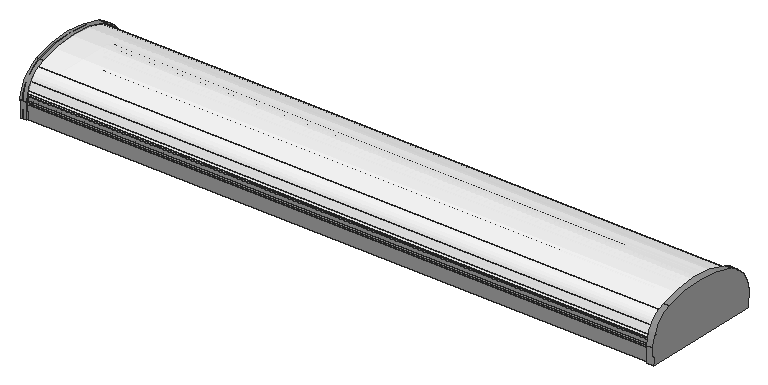
Revit family "VRSE", category Lighting Fixtures, host Floor, Revit 2019
Family settings
  Host = Floor
  Round Connector Dimension = Use Diameter
  Part Type = Normal
  OmniClass Number = 23.80.70.11.14.17
  OmniClass Title = Direct/Indirect
  Always vertical = Yes
  Cut with Voids When Loaded = No
  Light Source = Yes
  Shared = No
  Room Calculation Point = No
Parameters (values of type "VRSE-3556-48-LED840K48LUNV-P55")
  Width = 0' - 9 1/4"
  Wattage = 50 W
  built-in parameter 1150110 = 1 (stored number, unit not read)
  Voltage = 0 V
  URL = "https://www.viscor.com/en/products/vrse-3556"
  built-in parameter 1114217 = 0.9 (stored number, unit not read)
  Tilt Angle = -90.00°
  built-in parameter 1150109 = 1 (stored number, unit not read)
  built-in parameter 1150134 = 12
  built-in parameter 1150113 = 1 (stored number, unit not read)
  Photometric Web File = "VRSE-3556-48-LED840K48LUNV-P55.ies"
  Model = "VRSE-3556"  # constant formula
  Manufacturer = "CERTOLUX by VISCOR"  # constant formula
  built-in parameter 1150105 = 362.08 (stored number, unit not read)
  Lumens = 4550 lm
  built-in parameter 1150115 = 1 (stored number, unit not read)
  built-in parameter 1150137 = (empty or 0)
  built-in parameter 1150139 = (empty or 0)
  Lens Finish = Polycarbonate - Viscor - Frosted
  Length = 4' - 1 1/8"
  Lamp Wattage = 50 VA
  built-in parameter 1150112 = 1 (stored number, unit not read)
  built-in parameter 1150114 = 1 (stored number, unit not read)
  Lamp = "LED"  # constant formula
  LED Tray Finish = Metal - Viscor - White
  built-in parameter 1150132 = (empty or 0)
  built-in parameter 1150102 = (empty or 0)
  built-in parameter 1150107 = 4000 (stored number, unit not read)
  built-in parameter 1150138 = (empty or 0)
  built-in parameter 1150106 = 3.6208 (stored number, unit not read)
  Housing Finish = Extruded Aluminum - Viscor - White
  Emit from Rectangle Width = 0' - 9 1/4"
  Emit from Rectangle Length = 4' - 0"
  Emit Shape Visible in Rendering = no
  built-in parameter 1150104 = 8.4542 (stored number, unit not read)
  Dimming Lamp Color Temperature Shift = <None>
  Description = "LED Vandal Resistant Surface-Extruded"  # constant formula
  Color Filter = 16777215
  built-in parameter 1114218 = 1 (stored number, unit not read)
  built-in parameter 1150133 = 10 (stored number, unit not read)
  Assembly Code = "D5020200"
  Apparent Load = Lamp Wattage  # 50 VA
Types (4): name | Wattage | built-in parameter 1150134 | Photometric Web File | built-in parameter 1150105 | Lumens | Length | Lamp Wattage | built-in parameter 1150107 | built-in parameter 1150106 | Emit from Rectangle Length | built-in parameter 1150104 | Apparent Load
  (no name) | 50 W | 12 | "VRSE-3556-48-LED840K48LUNV-P55.ies" | 362.08 (stored number, unit not read) | 4550 lm | 4' - 1 1/8" | 50 VA | 4000 (stored number, unit not read) | 3.6208 (stored number, unit not read) | 4' - 0" | 8.4542 (stored number, unit not read) | 50 VA
  VRSE-3556-24-LED840K24LUNV-P55 | 26 W | 12 | "VRSE-3556-24-LED840K24LUNV-P55.IES" | 192.42 (stored number, unit not read) | 2418 lm | 2' - 0 73/128" | 26 VA | 4000 (stored number, unit not read) | 1.9242 (stored number, unit not read) | 2' - 0" | 8.64 (stored number, unit not read) | 26 VA
  VRSE-3556-48-LED840K48LUNV-P55 | 50 W | 12 | "VRSE-3556-48-LED840K48LUNV-P55.ies" | 362.08 (stored number, unit not read) | 4550 lm | 4' - 1 1/8" | 50 VA | 4000 (stored number, unit not read) | 3.6208 (stored number, unit not read) | 4' - 0" | 8.4542 (stored number, unit not read) | 50 VA
  VRSE-3556-48_2-LED840K96LUNV-P55 | 124 W | 3 | "VRSE-3556-48_2-LED840K96LUNV-P55.ies" | 720.34 (stored number, unit not read) | 9052 lm | 8' - 2 1/8" | 124 VA | 3200 (stored number, unit not read) | 7.2034 (stored number, unit not read) | 8' - 2" | 6.7819 (stored number, unit not read) | 124 VA
Reference planes (in)
  plane 1 "Center (Front/Back)": y = 0
  plane 2: z = 0
  plane 3 "Center (Left/Right)": x = 0
  plane 4: y = 4.625
  plane 5: y = -4.625
  plane 6: x = -24.5625
  plane 7: x = 24.5625
  plane 8: x = -24.4165
  plane 9: x = 24.4165
Forms (in)
  Extrusion 1, solid, material "Extruded Aluminum - Viscor - White" <- "Housing Finish"
    sketch origin (0, 0, 0) x (0, 1, 0) y (0, 0, 1)
      loop
        arc (4.53098, 1.04198) -> (4.51749, 1.0948) -> (4.48201, 1.1362) r 0.11998
        arc (4.48201, 1.1362) -> (4.44596, 1.17871) -> (4.43301, 1.23293) r 0.11998
        line (4.43301, 1.23293) -> (4.43301, 1.556) -> (4.28299, 1.556) -> (4.28299, 1.156)
        arc (4.28299, 1.156) -> (4.27421, 1.13479) -> (4.25299, 1.126) r 0.03
        line (4.25299, 1.126) -> (4.088, 1.12596)
        arc (4.088, 1.12596) -> (4.06679, 1.13475) -> (4.058, 1.15597) r 0.03
        line (4.058, 1.15597) -> (4.058, 1.462) -> (3.996, 1.462) -> (3.996, 1.14386)
        arc (3.996, 1.14386) -> (4.02534, 1.07324) -> (4.096, 1.044) r 0.1
        line (4.096, 1.044) -> (4.19756, 1.044)
        arc (4.19756, 1.044) -> (4.23697, 1.04087) -> (4.2754, 1.03157) r 0.25
        arc (4.2754, 1.03157) -> (4.25609, 0.99649) -> (4.24941, 0.957) r 0.12
        arc (4.24941, 0.957) -> (4.27941, 0.927) -> (4.30941, 0.957) r 0.03
        arc (4.30941, 0.957) -> (4.41184, 0.99943) -> (4.36941, 0.897) r 0.06
        arc (4.36941, 0.897) -> (4.33941, 0.867) -> (4.36941, 0.837) r 0.03
        arc (4.36941, 0.837) -> (4.40589, 0.84268) -> (4.43891, 0.85918) r 0.12
        arc (4.43891, 0.85918) -> (4.44553, 0.82581) -> (4.44755, 0.79185) r 0.25
        arc (4.44755, 0.79185) -> (4.44235, 0.55986) -> (4.43076, 0.32811) r 8.415
        arc (4.43076, 0.32811) -> (4.41899, 0.30315) -> (4.39333, 0.293) r 0.0375
        line (4.39333, 0.293) -> (3.01037, 0.293) -> (2.95682, 0.31797) -> (2.89892, 0.31797)
        arc (2.89892, 0.31797) -> (2.91091, 0.34691) -> (2.915, 0.37797) r 0.12
        arc (2.915, 0.37797) -> (2.885, 0.40797) -> (2.855, 0.37797) r 0.03
        arc (2.855, 0.37797) -> (2.75257, 0.33554) -> (2.795, 0.43797) r 0.06
        arc (2.795, 0.43797) -> (2.825, 0.46797) -> (2.795, 0.49797) r 0.03
        arc (2.795, 0.49797) -> (2.76394, 0.49388) -> (2.735, 0.48189) r 0.12
        line (2.735, 0.48189) -> (2.735, 0.96608)
        arc (2.735, 0.96608) -> (2.76394, 0.95409) -> (2.795, 0.95) r 0.12
        arc (2.795, 0.95) -> (2.825, 0.98) -> (2.795, 1.01) r 0.03
        arc (2.795, 1.01) -> (2.75257, 1.11243) -> (2.855, 1.07) r 0.06
        arc (2.855, 1.07) -> (2.885, 1.04) -> (2.915, 1.07) r 0.03
        arc (2.915, 1.07) -> (2.90884, 1.10795) -> (2.891, 1.142) r 0.12
        line (2.891, 1.142) -> (2.891, 1.556) -> (2.826, 1.556) -> (2.826, 1.19) -> (2.708, 1.19) -> (2.708, 1.556) -> (2.643, 1.556) -> (2.643, 0.153) -> (2.584, 0.153)
        arc (2.584, 0.153) -> (2.549, 0.118) -> (2.584, 0.083) r 0.035
        line (2.584, 0.083) -> (2.776, 0.083)
        arc (2.776, 0.083) -> (2.8092, 0.12907) -> (2.755, 0.146) r 0.035
        line (2.755, 0.146) -> (2.72232, 0.146) -> (2.72232, 0.23597) -> (2.93865, 0.23597) -> (2.9922, 0.211) -> (4.37941, 0.211) -> (4.37941, 0.006) -> (4.48939, 0.006)
        arc (4.48939, 0.006) -> (4.526, 0.52335) -> (4.53098, 1.04198) r 8.49999
    from -24.4165 to 24.4165
  Extrusion 2, solid, material "Extruded Aluminum - Viscor - White" <- "Housing Finish"
    sketch origin (0, 0, 0) x (0, -1, 0) y (0, 0, -1)
      loop
        arc (4.53098, -1.04198) -> (4.526, -0.52335) -> (4.48939, -0.006) r 8.49999
        line (4.48939, -0.006) -> (4.37941, -0.006) -> (4.37941, -0.211) -> (2.9922, -0.211) -> (2.93865, -0.23597) -> (2.72232, -0.23597) -> (2.72232, -0.146) -> (2.755, -0.146)
        arc (2.755, -0.146) -> (2.8092, -0.12907) -> (2.776, -0.083) r 0.035
        line (2.776, -0.083) -> (2.584, -0.083)
        arc (2.584, -0.083) -> (2.549, -0.118) -> (2.584, -0.153) r 0.035
        line (2.584, -0.153) -> (2.643, -0.153) -> (2.643, -1.556) -> (2.708, -1.556) -> (2.708, -1.19) -> (2.826, -1.19) -> (2.826, -1.556) -> (2.891, -1.556) -> (2.891, -1.142)
        arc (2.891, -1.142) -> (2.90884, -1.10795) -> (2.915, -1.07) r 0.12
        arc (2.915, -1.07) -> (2.885, -1.04) -> (2.855, -1.07) r 0.03
        arc (2.855, -1.07) -> (2.75257, -1.11243) -> (2.795, -1.01) r 0.06
        arc (2.795, -1.01) -> (2.825, -0.98) -> (2.795, -0.95) r 0.03
        arc (2.795, -0.95) -> (2.76394, -0.95409) -> (2.735, -0.96608) r 0.12
        line (2.735, -0.96608) -> (2.735, -0.48189)
        arc (2.735, -0.48189) -> (2.76394, -0.49388) -> (2.795, -0.49797) r 0.12
        arc (2.795, -0.49797) -> (2.825, -0.46797) -> (2.795, -0.43797) r 0.03
        arc (2.795, -0.43797) -> (2.75257, -0.33554) -> (2.855, -0.37797) r 0.06
        arc (2.855, -0.37797) -> (2.885, -0.40797) -> (2.915, -0.37797) r 0.03
        arc (2.915, -0.37797) -> (2.91091, -0.34691) -> (2.89892, -0.31797) r 0.12
        line (2.89892, -0.31797) -> (2.95682, -0.31797) -> (3.01037, -0.293) -> (4.39333, -0.293)
        arc (4.39333, -0.293) -> (4.41899, -0.30315) -> (4.43076, -0.32811) r 0.0375
        arc (4.43076, -0.32811) -> (4.44235, -0.55986) -> (4.44755, -0.79185) r 8.415
        arc (4.44755, -0.79185) -> (4.44553, -0.82581) -> (4.43891, -0.85918) r 0.25
        arc (4.43891, -0.85918) -> (4.40589, -0.84268) -> (4.36941, -0.837) r 0.12
        arc (4.36941, -0.837) -> (4.33941, -0.867) -> (4.36941, -0.897) r 0.03
        arc (4.36941, -0.897) -> (4.41184, -0.99943) -> (4.30941, -0.957) r 0.06
        arc (4.30941, -0.957) -> (4.27941, -0.927) -> (4.24941, -0.957) r 0.03
        arc (4.24941, -0.957) -> (4.25609, -0.99649) -> (4.2754, -1.03157) r 0.12
        arc (4.2754, -1.03157) -> (4.23697, -1.04087) -> (4.19756, -1.044) r 0.25
        line (4.19756, -1.044) -> (4.096, -1.044)
        arc (4.096, -1.044) -> (4.02534, -1.07324) -> (3.996, -1.14386) r 0.1
        line (3.996, -1.14386) -> (3.996, -1.462) -> (4.058, -1.462) -> (4.058, -1.15597)
        arc (4.058, -1.15597) -> (4.06679, -1.13475) -> (4.088, -1.12596) r 0.03
        line (4.088, -1.12596) -> (4.25299, -1.126)
        arc (4.25299, -1.126) -> (4.27421, -1.13479) -> (4.28299, -1.156) r 0.03
        line (4.28299, -1.156) -> (4.28299, -1.556) -> (4.43301, -1.556) -> (4.43301, -1.23293)
        arc (4.43301, -1.23293) -> (4.44596, -1.17871) -> (4.48201, -1.1362) r 0.11998
        arc (4.48201, -1.1362) -> (4.51749, -1.0948) -> (4.53098, -1.04198) r 0.11998
    from -24.4165 to 24.4165
  Extrusion 3, solid, material "Extruded Aluminum - Viscor - White" <- "Housing Finish"
    sketch origin (0, 0, 0) x (0, 1, 0) y (0, 0, 1)
      loop
        arc (2.846, 0) -> (2.86721, 0.00879) -> (2.876, 0.03) r 0.03
        line (2.876, 0.03) -> (2.876, 0.11206)
        arc (2.876, 0.11206) -> (2.84529, 0.18416) -> (2.77203, 0.21198) r 0.1
        arc (2.77203, 0.21198) -> (2.75368, 0.1978) -> (2.76107, 0.17582) r 0.02
        line (2.76107, 0.17582) -> (2.79827, 0.14879)
        arc (2.79827, 0.14879) -> (2.81215, 0.10629) -> (2.776, 0.08) r 0.038
        line (2.776, 0.08) -> (2.581, 0.08)
        arc (2.581, 0.08) -> (2.54575, 0.10108) -> (2.54767, 0.14211) r 0.04
        arc (2.54767, 0.14211) -> (2.54997, 0.15951) -> (2.53767, 0.17202) r 0.02
        arc (2.53767, 0.17202) -> (2.52559, 0.18116) -> (2.52101, 0.19559) r 0.025
        line (2.52101, 0.19559) -> (2.52101, 0.34507)
        arc (2.52101, 0.34507) -> (2.51512, 0.35917) -> (2.50101, 0.365) r 0.02
        line (2.50101, 0.365) -> (2.4613, 0.365)
        arc (2.4613, 0.365) -> (2.44696, 0.35925) -> (2.441, 0.345) r 0.02
        line (2.441, 0.345) -> (2.441, 0.24392)
        arc (2.441, 0.24392) -> (2.41206, 0.25591) -> (2.381, 0.26) r 0.12
        arc (2.381, 0.26) -> (2.351, 0.23) -> (2.381, 0.2) r 0.03
        arc (2.381, 0.2) -> (2.42343, 0.09757) -> (2.321, 0.14) r 0.06
        arc (2.321, 0.14) -> (2.291, 0.17) -> (2.261, 0.14) r 0.03
        arc (2.261, 0.14) -> (2.26509, 0.10894) -> (2.27708, 0.08) r 0.12
        line (2.27708, 0.08) -> (1.24906, 0.08) -> (1.24906, 0.202) -> (1.475, 0.202) -> (1.475, 0.267) -> (1.18406, 0.267) -> (1.18406, 0.08) -> (1.06594, 0.08) -> (1.06594, 0.267) -> (0.775, 0.267) -> (0.775, 0.202) -> (1.00094, 0.202) -> (1.00094, 0.08) -> (-2.27708, 0.08)
        arc (-2.27708, 0.08) -> (-2.26509, 0.10894) -> (-2.261, 0.14) r 0.12
        arc (-2.261, 0.14) -> (-2.291, 0.17) -> (-2.321, 0.14) r 0.03
        arc (-2.321, 0.14) -> (-2.42343, 0.09757) -> (-2.381, 0.2) r 0.06
        arc (-2.381, 0.2) -> (-2.351, 0.23) -> (-2.381, 0.26) r 0.03
        arc (-2.381, 0.26) -> (-2.41206, 0.25591) -> (-2.441, 0.24392) r 0.12
        line (-2.441, 0.24392) -> (-2.441, 0.345)
        arc (-2.441, 0.345) -> (-2.44687, 0.35915) -> (-2.46103, 0.365) r 0.02
        line (-2.46103, 0.365) -> (-2.50103, 0.365)
        arc (-2.50103, 0.365) -> (-2.51513, 0.35916) -> (-2.521, 0.34507) r 0.02
        line (-2.521, 0.34507) -> (-2.521, 0.19559)
        arc (-2.521, 0.19559) -> (-2.52559, 0.18116) -> (-2.53767, 0.17202) r 0.025
        arc (-2.53767, 0.17202) -> (-2.54997, 0.15951) -> (-2.54767, 0.14211) r 0.02
        arc (-2.54767, 0.14211) -> (-2.54575, 0.10108) -> (-2.581, 0.08) r 0.04
        line (-2.581, 0.08) -> (-2.776, 0.08)
        arc (-2.776, 0.08) -> (-2.81215, 0.10629) -> (-2.79827, 0.14879) r 0.038
        line (-2.79827, 0.14879) -> (-2.76107, 0.17582)
        arc (-2.76107, 0.17582) -> (-2.75368, 0.1978) -> (-2.77203, 0.21198) r 0.02
        arc (-2.77203, 0.21198) -> (-2.84529, 0.18416) -> (-2.876, 0.11206) r 0.1
        line (-2.876, 0.11206) -> (-2.876, 0.03)
        arc (-2.876, 0.03) -> (-2.86721, 0.00879) -> (-2.846, 0) r 0.03
        line (-2.846, 0) -> (2.846, 0)
    from -24.4165 to 24.4165
  Extrusion 4, solid, material "Extruded Aluminum - Viscor - White" <- "Housing Finish"
    sketch origin (0, 0, 0) x (0, 1, 0) y (0, 0, 1)
      loop
        arc (3.00021, 3.42768) -> (0, 3.97) -> (-3.00021, 3.42768) r 8.57
        arc (-3.00021, 3.42768) -> (-4.14369, 2.56064) -> (-4.62203, 1.20768) r 2.5
        arc (-4.62203, 1.20768) -> (-4.63, 0.60336) -> (-4.595, 0) r 8.5
        line (-4.595, 0) -> (4.595, 0)
        arc (4.595, 0) -> (4.63, 0.60336) -> (4.62203, 1.20768) r 8.5
        arc (4.62203, 1.20768) -> (4.14369, 2.56064) -> (3.00021, 3.42768) r 2.5
    from -24.5625 to -24.0625
  Extrusion 5, void
    sketch origin (-24.0625, 0, 0) x (0, -1, 0) y (0, 0, 1)
      loop
        arc (-2.98653, 3.39109) -> (-4.11214, 2.5376) -> (-4.58302, 1.20578) r 2.46094
        arc (-4.58302, 1.20578) -> (-4.59132, 0.62201) -> (-4.55935, 0.03906) r 8.46094
        line (-4.55935, 0.03906) -> (4.55935, 0.03906)
        arc (4.55935, 0.03906) -> (4.59132, 0.62201) -> (4.58302, 1.20578) r 8.46094
        arc (4.58302, 1.20578) -> (4.11214, 2.5376) -> (2.98653, 3.39109) r 2.46094
        arc (2.98653, 3.39109) -> (0, 3.93094) -> (-2.98653, 3.39109) r 8.53094
    from 0 to 0.354
  Extrusion 6, solid, material "Extruded Aluminum - Viscor - White" <- "Housing Finish"
    sketch origin (0, 0, 0) x (0, 1, 0) y (0, 0, -1)
      loop
        arc (3.00021, -3.42768) -> (4.14369, -2.56064) -> (4.62203, -1.20768) r 2.5
        arc (4.62203, -1.20768) -> (4.63, -0.60336) -> (4.595, 0) r 8.5
        line (4.595, 0) -> (-4.595, 0)
        arc (-4.595, 0) -> (-4.63, -0.60336) -> (-4.62203, -1.20768) r 8.5
        arc (-4.62203, -1.20768) -> (-4.14369, -2.56064) -> (-3.00021, -3.42768) r 2.5
        arc (-3.00021, -3.42768) -> (0, -3.97) -> (3.00021, -3.42768) r 8.57
    from -24.5625 to -24.0625
  Extrusion 7, void
    sketch origin (24.0625, 0, 0) x (0, -1, 0) y (0, 0, -1)
      loop
        arc (-2.98653, -3.39109) -> (0, -3.93094) -> (2.98653, -3.39109) r 8.53094
        arc (2.98653, -3.39109) -> (4.11214, -2.5376) -> (4.58302, -1.20578) r 2.46094
        arc (4.58302, -1.20578) -> (4.59132, -0.62201) -> (4.55935, -0.03906) r 8.46094
        line (4.55935, -0.03906) -> (-4.55935, -0.03906)
        arc (-4.55935, -0.03906) -> (-4.59132, -0.62201) -> (-4.58302, -1.20578) r 8.46094
        arc (-4.58302, -1.20578) -> (-4.11214, -2.5376) -> (-2.98653, -3.39109) r 2.46094
    from 0 to 0.354
  Extrusion 8, solid, material "Polycarbonate - Viscor - Frosted" <- "Lens Finish"
    sketch origin (-24.0625, 0, 0) x (0, 1, 0) y (0, 0, 1)
      loop
        arc (3.3028, 3.08211) -> (0, 3.779) -> (-3.3028, 3.08211) r 8.175
        arc (-3.3028, 3.08211) -> (-3.71546, 2.7697) -> (-3.94457, 2.30559) r 1.125
        line (-3.94457, 2.30559) -> (-4.095, 1.654) -> (-4.41372, 1.654) -> (-4.41372, 1.556) -> (-4.174, 1.556) -> (-4.174, 1.22692)
        arc (-4.174, 1.22692) -> (-4.2393, 1.21857) -> (-4.204, 1.163) r 0.039
        line (-4.204, 1.163) -> (-4.056, 1.163) -> (-4.056, 1.517) -> (-3.97006, 1.63949) -> (-3.82277, 2.2775)
        arc (-3.82277, 2.2775) -> (-3.61912, 2.69006) -> (-3.2523, 2.96777) r 1
        arc (-3.2523, 2.96777) -> (0, 3.654) -> (3.2523, 2.96777) r 8.05
        arc (3.2523, 2.96777) -> (3.61912, 2.69006) -> (3.82277, 2.2775) r 1
        line (3.82277, 2.2775) -> (3.9704, 1.63802) -> (4.056, 1.517) -> (4.056, 1.163) -> (4.204, 1.163)
        arc (4.204, 1.163) -> (4.2393, 1.21857) -> (4.174, 1.22692) r 0.039
        line (4.174, 1.22692) -> (4.174, 1.556) -> (4.431, 1.556) -> (4.41372, 1.654) -> (4.095, 1.654) -> (3.94457, 2.30559)
        arc (3.94457, 2.30559) -> (3.71546, 2.7697) -> (3.3028, 3.08211) r 1.125
    from -0.354 to 48.479
  Extrusion 9, solid, material "Metal - Viscor - White" <- "LED Tray Finish"
    sketch origin (-24.0625, 0, 0) x (0, 1, 0) y (0, 0, 1)
      loop
        line (3.85484, 1.38976) -> (3.86805, 1.41809) -> (3.50528, 1.58725) -> (-3.50528, 1.58725) -> (-3.86805, 1.41809) -> (-3.85484, 1.38976) -> (-3.49835, 1.556) -> (3.49835, 1.556) -> (3.85484, 1.38976)
    from -0.354 to 48.479
Cuts and joins
  Extrusion 5, Extrusion 7 cuts Extrusion 1
  Extrusion 5, Extrusion 7 cuts Extrusion 2
  Extrusion 5, Extrusion 7 cuts Extrusion 3
  Extrusion 5, Extrusion 7 cuts Extrusion 4
  Extrusion 7 cuts Extrusion 6
Dimensions and locks (in)
  equal spacing: host sketch curve, plane 1 "Center (Front/Back)", host sketch curve
  equal spacing: host sketch curve, plane 3 "Center (Left/Right)", host sketch curve
  host sketch curve to host sketch curve = 10' - 0"  (x2)
  equal spacing: plane 6, plane 3 "Center (Left/Right)", plane 7
  "Length": plane 6 to plane 7
  equal spacing: plane 4, plane 1 "Center (Front/Back)", plane 5
  "Width": plane 4 to plane 5
  plane 6 to plane 8 to plane 3 "Center (Left/Right)" = 0' - 0.146" locked, 2' - 0.4165"
  locked: plane 9 to plane 7 at 0.146
  locked: plane 8 to cut or joined group of Extrusion 4, Extrusion 5, Extrusion 7 at 0.354
  locked: cut or joined group of Extrusion 6, Extrusion 7 to plane 7 at 0.5
  aligned and locked: level to plane 2
  aligned and locked: Extrusion 1 to plane 8
  aligned and locked: plane 9 to Extrusion 1
  aligned and locked: Extrusion 2 to plane 8
  aligned and locked: plane 9 to Extrusion 2
  aligned and locked: Extrusion 3 to plane 8
  aligned and locked: plane 9 to Extrusion 3
  aligned and locked: Extrusion 4 to plane 6
  aligned and locked: plane 7 to cut or joined group of Extrusion 6, Extrusion 7
  aligned and locked: plane 9 to Extrusion 8
  aligned and locked: Extrusion 9 to plane 8
  aligned and locked: plane 9 to Extrusion 9
Automatic sketch dimensions
  Extrusion 1 sketch curve to Extrusion 1 sketch curve = 0' - 0"  (x34)
  plane 5 to Extrusion 1 sketch curve = 0' - 0.65785"
  level to Extrusion 1 sketch curve = 0' - 0.083"
  Extrusion 1 sketch curve to plane 4 = 0' - 2.041"
  Extrusion 1 sketch curve to Extrusion 1 sketch curve = 0' - 0.059"
  Extrusion 1 sketch curve to Extrusion 1 sketch curve = 0' - 0.065"  (x2)
  Extrusion 1 sketch curve to Extrusion 1 sketch curve = 0' - 0.07932"
  Extrusion 1 sketch curve to Extrusion 1 sketch curve = 0' - 0.01268"
  Extrusion 1 sketch curve to Extrusion 1 sketch curve = 0' - 0.03268"
  Extrusion 1 sketch curve to Extrusion 1 sketch curve = 0' - 0.021"
  Extrusion 1 sketch curve to Extrusion 1 sketch curve = 0' - 0.06"  (x3)
  Extrusion 1 sketch curve to Extrusion 1 sketch curve = 0' - 0.118"
  Extrusion 1 sketch curve to Extrusion 1 sketch curve = 0' - 0.09"  (x6)
  Extrusion 1 sketch curve to Extrusion 1 sketch curve = 0' - 0.01392"  (x4)
  level to Extrusion 1 sketch curve = 0' - 0.23597"
  Extrusion 1 sketch curve to Extrusion 1 sketch curve = 0' - 0.03972"
  Extrusion 1 sketch curve to Extrusion 1 sketch curve = 0' - 0.0579"
  level to Extrusion 1 sketch curve = 0' - 0.211"
  Extrusion 1 sketch curve to Extrusion 1 sketch curve = 0' - 0.05355"  (x2)
  Extrusion 1 sketch curve to plane 4 = 0' - 0.629"
  Extrusion 1 sketch curve to Extrusion 1 sketch curve = 0' - 0.062"
  Extrusion 1 sketch curve to Extrusion 1 sketch curve = 0' - 0.03"  (x4)
  Extrusion 1 sketch curve to Extrusion 1 sketch curve = 0' - 0.008"
  Extrusion 1 sketch curve to Extrusion 1 sketch curve = 0' - 0 13/128"
  Extrusion 1 sketch curve to Extrusion 1 sketch curve = 0' - 0.05543"
  Extrusion 1 sketch curve to Extrusion 1 sketch curve = 0' - 0.08185"
  Extrusion 1 sketch curve to Extrusion 1 sketch curve = 0' - 0.22499"
  level to Extrusion 1 sketch curve = 0' - 0.006"
  Extrusion 1 sketch curve to plane 4 = 0' - 0.24559"
  Extrusion 1 sketch curve to Extrusion 1 sketch curve = 0' - 0.04162"
  Extrusion 1 sketch curve to Extrusion 1 sketch curve = 0' - 0.15002"
  Extrusion 1 sketch curve to Extrusion 1 sketch curve = 0' - 0.10998"
  Extrusion 1 sketch curve to plane 4 = 0' - 0.072"
  Extrusion 1 sketch curve to Extrusion 1 sketch curve = 0' - 0.035"  (x2)
  Extrusion 1 sketch curve to Extrusion 1 sketch curve = 0' - 0.082"  (x2)
  Extrusion 1 sketch curve to Extrusion 1 sketch curve = 0' - 0.02497"
  Extrusion 1 sketch curve to Extrusion 1 sketch curve = 0' - 0.0375"
  Extrusion 1 sketch curve to Extrusion 1 sketch curve = 0' - 0.4635"
  level to Extrusion 1 sketch curve = 0' - 0.86436"
  Extrusion 1 sketch curve to Extrusion 1 sketch curve = 0' - 0.073"
  Extrusion 1 sketch curve to Extrusion 1 sketch curve = 0' - 0.46811"
  Extrusion 1 sketch curve to Extrusion 1 sketch curve = 0' - 0.08247"
  Extrusion 1 sketch curve to Extrusion 1 sketch curve = 0' - 0.087"
  Extrusion 1 sketch curve to Extrusion 1 sketch curve = 0' - 0.072"
  Extrusion 1 sketch curve to Extrusion 1 sketch curve = 0' - 0.01786"
  Extrusion 1 sketch curve to Extrusion 1 sketch curve = 0' - 0.01197"
  Extrusion 1 sketch curve to Extrusion 1 sketch curve = 0' - 0.048"
  Extrusion 1 sketch curve to Extrusion 1 sketch curve = 0' - 0.19095"
  Extrusion 1 sketch curve to Extrusion 1 sketch curve = 0' - 0.30603"
  Extrusion 1 sketch curve to Extrusion 1 sketch curve = 0' - 0.366"
  Extrusion 1 sketch curve to Extrusion 1 sketch curve = 0' - 0.32307"
  Extrusion 1 sketch curve to Extrusion 1 sketch curve = 0' - 0.00864"
  Extrusion 2 sketch curve to Extrusion 2 sketch curve = 0' - 0"  (x34)
  plane 4 to Extrusion 2 sketch curve = 0' - 0.65785"
  Extrusion 2 sketch curve to level = 0' - 0.083"
  Extrusion 2 sketch curve to plane 5 = 0' - 2.041"
  Extrusion 2 sketch curve to Extrusion 2 sketch curve = 0' - 0.059"
  Extrusion 2 sketch curve to Extrusion 2 sketch curve = 0' - 0.065"  (x2)
  Extrusion 2 sketch curve to Extrusion 2 sketch curve = 0' - 0.07932"
  Extrusion 2 sketch curve to Extrusion 2 sketch curve = 0' - 0.01268"
  Extrusion 2 sketch curve to Extrusion 2 sketch curve = 0' - 0.03268"
  Extrusion 2 sketch curve to Extrusion 2 sketch curve = 0' - 0.021"
  Extrusion 2 sketch curve to Extrusion 2 sketch curve = 0' - 0.06"  (x3)
  Extrusion 2 sketch curve to Extrusion 2 sketch curve = 0' - 0.118"
  Extrusion 2 sketch curve to Extrusion 2 sketch curve = 0' - 0.09"  (x6)
  Extrusion 2 sketch curve to Extrusion 2 sketch curve = 0' - 0.01392"  (x4)
  Extrusion 2 sketch curve to level = 0' - 0.23597"
  Extrusion 2 sketch curve to Extrusion 2 sketch curve = 0' - 0.03972"
  Extrusion 2 sketch curve to Extrusion 2 sketch curve = 0' - 0.0579"
  Extrusion 2 sketch curve to level = 0' - 0.211"
  Extrusion 2 sketch curve to Extrusion 2 sketch curve = 0' - 0.05355"  (x2)
  Extrusion 2 sketch curve to plane 5 = 0' - 0.629"
  Extrusion 2 sketch curve to Extrusion 2 sketch curve = 0' - 0.062"
  Extrusion 2 sketch curve to Extrusion 2 sketch curve = 0' - 0.03"  (x4)
  Extrusion 2 sketch curve to Extrusion 2 sketch curve = 0' - 0.008"
  Extrusion 2 sketch curve to Extrusion 2 sketch curve = 0' - 0 13/128"
  Extrusion 2 sketch curve to Extrusion 2 sketch curve = 0' - 0.05543"
  Extrusion 2 sketch curve to Extrusion 2 sketch curve = 0' - 0.08185"
  Extrusion 2 sketch curve to Extrusion 2 sketch curve = 0' - 0.22499"
  Extrusion 2 sketch curve to level = 0' - 0.006"
  Extrusion 2 sketch curve to plane 5 = 0' - 0.24559"
  Extrusion 2 sketch curve to Extrusion 2 sketch curve = 0' - 0.04162"
  Extrusion 2 sketch curve to Extrusion 2 sketch curve = 0' - 0.15002"
  Extrusion 2 sketch curve to Extrusion 2 sketch curve = 0' - 0.10998"
  Extrusion 2 sketch curve to plane 5 = 0' - 0.072"
  Extrusion 2 sketch curve to Extrusion 2 sketch curve = 0' - 0.035"  (x2)
  Extrusion 2 sketch curve to Extrusion 2 sketch curve = 0' - 0.082"  (x2)
  Extrusion 2 sketch curve to Extrusion 2 sketch curve = 0' - 0.02497"
  Extrusion 2 sketch curve to Extrusion 2 sketch curve = 0' - 0.0375"
  Extrusion 2 sketch curve to Extrusion 2 sketch curve = 0' - 0.4635"
  Extrusion 2 sketch curve to level = 0' - 0.86436"
  Extrusion 2 sketch curve to Extrusion 2 sketch curve = 0' - 0.073"
  Extrusion 2 sketch curve to Extrusion 2 sketch curve = 0' - 0.46811"
  Extrusion 2 sketch curve to Extrusion 2 sketch curve = 0' - 0.08247"
  Extrusion 2 sketch curve to Extrusion 2 sketch curve = 0' - 0.087"
  Extrusion 2 sketch curve to Extrusion 2 sketch curve = 0' - 0.072"
  Extrusion 2 sketch curve to Extrusion 2 sketch curve = 0' - 0.01786"
  Extrusion 2 sketch curve to Extrusion 2 sketch curve = 0' - 0.01197"
  Extrusion 2 sketch curve to Extrusion 2 sketch curve = 0' - 0.048"
  Extrusion 2 sketch curve to Extrusion 2 sketch curve = 0' - 0.19095"
  Extrusion 2 sketch curve to Extrusion 2 sketch curve = 0' - 0.30603"
  Extrusion 2 sketch curve to Extrusion 2 sketch curve = 0' - 0.366"
  Extrusion 2 sketch curve to Extrusion 2 sketch curve = 0' - 0.32307"
  Extrusion 2 sketch curve to Extrusion 2 sketch curve = 0' - 0.00864"
  Extrusion 3 sketch curve to Extrusion 3 sketch curve = 0' - 0"  (x36)
  Extrusion 3 sketch curve to level = 0' - 0"
  plane 5 to Extrusion 3 sketch curve = 0' - 1.779"
  level to Extrusion 3 sketch curve = 0' - 0.14879"  (x2)
  Extrusion 3 sketch curve to Extrusion 3 sketch curve = 0' - 0.04773"
  Extrusion 3 sketch curve to Extrusion 3 sketch curve = 0' - 0.02227"  (x2)
  Extrusion 3 sketch curve to Extrusion 3 sketch curve = 0' - 0.02545"
  level to Extrusion 3 sketch curve = 0' - 0.17582"  (x2)
  Extrusion 3 sketch curve to Extrusion 3 sketch curve = 0' - 0.01176"  (x2)
  level to Extrusion 3 sketch curve = 0' - 0.08"  (x4)
  Extrusion 3 sketch curve to Extrusion 3 sketch curve = 0' - 0.195"
  Extrusion 3 sketch curve to Extrusion 3 sketch curve = 0' - 0.035"
  Extrusion 3 sketch curve to Extrusion 3 sketch curve = 0' - 0.015"
  Extrusion 3 sketch curve to Extrusion 3 sketch curve = 0' - 0.025"
  Extrusion 3 sketch curve to Extrusion 3 sketch curve = 0' - 0.01997"
  Extrusion 3 sketch curve to Extrusion 3 sketch curve = 0' - 0.00003"  (x2)
  Extrusion 3 sketch curve to Extrusion 3 sketch curve = 0' - 0.04"  (x3)
  Extrusion 3 sketch curve to Extrusion 3 sketch curve = 0' - 0.08"
  Extrusion 3 sketch curve to Extrusion 3 sketch curve = 0' - 0.06"  (x4)
  Extrusion 3 sketch curve to Extrusion 3 sketch curve = 0' - 0.09"  (x4)
  Extrusion 3 sketch curve to Extrusion 3 sketch curve = 0' - 0.01392"  (x4)
  level to Extrusion 3 sketch curve = 0' - 0.202"
  Extrusion 3 sketch curve to plane 1 "Center (Front/Back)" = 0' - 0.775"
  Extrusion 3 sketch curve to Extrusion 3 sketch curve = 0' - 0.22594"  (x2)
  Extrusion 3 sketch curve to Extrusion 3 sketch curve = 0' - 0.065"  (x4)
  Extrusion 3 sketch curve to Extrusion 3 sketch curve = 0' - 0.11811"
  Extrusion 3 sketch curve to Extrusion 3 sketch curve = 0' - 0.80208"
  Extrusion 3 sketch curve to Extrusion 3 sketch curve = 0' - 0.02"  (x3)
  Extrusion 3 sketch curve to Extrusion 3 sketch curve = 0' - 0.0003"
  Extrusion 3 sketch curve to Extrusion 3 sketch curve = 0' - 0.04001"
  Extrusion 3 sketch curve to Extrusion 3 sketch curve = 0' - 0.00999"
  Extrusion 3 sketch curve to Extrusion 3 sketch curve = 0' - 0.02499"
  Extrusion 3 sketch curve to Extrusion 3 sketch curve = 0' - 0.05"
  Extrusion 3 sketch curve to Extrusion 3 sketch curve = 0' - 0.18007"
  Extrusion 3 sketch curve to Extrusion 3 sketch curve = 0' - 0.01493"
  level to Extrusion 3 sketch curve = 0' - 0.03"
  Extrusion 3 sketch curve to Extrusion 3 sketch curve = 0' - 0.07"
  Extrusion 3 sketch curve to Extrusion 3 sketch curve = 0' - 0.03"  (x2)
  Extrusion 3 sketch curve to Extrusion 3 sketch curve = 0' - 0.00594"  (x2)
  Extrusion 3 sketch curve to Extrusion 3 sketch curve = 0' - 0.03317"  (x2)
  Extrusion 3 sketch curve to Extrusion 3 sketch curve = 0' - 0.01618"  (x2)
  Extrusion 3 sketch curve to Extrusion 3 sketch curve = 0' - 0.04243"  (x2)
  Extrusion 3 sketch curve to Extrusion 3 sketch curve = 0' - 0.122"
  Extrusion 3 sketch curve to Extrusion 3 sketch curve = 0' - 0.10108"  (x2)
  Extrusion 3 sketch curve to Extrusion 3 sketch curve = 0' - 0.00079"
  Extrusion 4 sketch curve to level = 0' - 0"
  Extrusion 4 sketch curve to plane 1 "Center (Front/Back)" = 0' - 0"
  level to Extrusion 4 sketch curve = 0' - 1.08588"  (x2)
  plane 1 "Center (Front/Back)" to Extrusion 4 sketch curve = 0' - 2 1/8"
  plane 5 to Extrusion 4 sketch curve = 0' - 0.75713"
  plane 5 to Extrusion 4 sketch curve = 0' - 0.03"
  Extrusion 4 sketch curve to plane 1 "Center (Front/Back)" = 0' - 2 1/8"
  Extrusion 4 sketch curve to plane 4 = 0' - 0.75713"
  Extrusion 4 sketch curve to plane 4 = 0' - 0.03"
  Extrusion 4 sketch curve to level = 0' - 4.6"
  level to Extrusion 4 sketch curve = 0' - 0.79357"  (x2)
  plane 5 to Extrusion 4 sketch curve = 0' - 1.62479"
  Extrusion 4 sketch curve to Extrusion 4 sketch curve = 0' - 0"  (x2)
  Extrusion 4 to Extrusion 5 sketch curve = 0' - 0 5/128"
  Extrusion 6 sketch curve to level = 0' - 0"
  Extrusion 6 sketch curve to plane 1 "Center (Front/Back)" = 0' - 0"
  level to Extrusion 6 sketch curve = 0' - 1.08588"  (x2)
  plane 1 "Center (Front/Back)" to Extrusion 6 sketch curve = 0' - 2 1/8"
  plane 5 to Extrusion 6 sketch curve = 0' - 0.75713"
  plane 5 to Extrusion 6 sketch curve = 0' - 0.03"
  Extrusion 6 sketch curve to plane 1 "Center (Front/Back)" = 0' - 2 1/8"
  Extrusion 6 sketch curve to plane 4 = 0' - 0.75713"
  Extrusion 6 sketch curve to plane 4 = 0' - 0.03"
  level to Extrusion 6 sketch curve = 0' - 0.79357"  (x2)
  Extrusion 6 sketch curve to level = 0' - 4.6"
  plane 5 to Extrusion 6 sketch curve = 0' - 1.62479"
  Extrusion 6 sketch curve to Extrusion 6 sketch curve = 0' - 0"  (x2)
  Extrusion 6 to Extrusion 7 sketch curve = 0' - 0 5/128"
  Extrusion 8 sketch curve to Extrusion 4 = 0' - 1.163"
  Extrusion 8 sketch curve to Extrusion 8 sketch curve = 0' - 0.079"
  Extrusion 8 sketch curve to Extrusion 8 sketch curve = 0' - 0.118"  (x2)
  Extrusion 8 sketch curve to Extrusion 8 sketch curve = 0' - 0.15043"
  Extrusion 8 sketch curve to Extrusion 8 sketch curve = 0' - 1.09628"  (x2)
  Extrusion 8 sketch curve to Extrusion 8 sketch curve = 0' - 4.056"
  Extrusion 8 sketch curve to Extrusion 8 sketch curve = 0' - 0.11143"
  Extrusion 8 sketch curve to Extrusion 8 sketch curve = 0' - 0.039"  (x4)
  Extrusion 8 sketch curve to Extrusion 8 sketch curve = 0' - 0.03"  (x2)
  Extrusion 8 sketch curve to Extrusion 8 sketch curve = 0' - 0.23972"  (x2)
  Extrusion 8 sketch curve to Extrusion 8 sketch curve = 0' - 0.02492"
  Extrusion 8 sketch curve to Extrusion 8 sketch curve = 0' - 0.137"
  Extrusion 8 sketch curve to Extrusion 8 sketch curve = 0' - 0.29008"
  Extrusion 8 sketch curve to Extrusion 8 sketch curve = 0' - 0.25258"
  Extrusion 8 sketch curve to Extrusion 8 sketch curve = 0' - 0.12494"
  Extrusion 8 sketch curve to Extrusion 8 sketch curve = 0' - 0"  (x10)
  Extrusion 8 sketch curve to Extrusion 4 = 0' - 1.63802"
  Extrusion 8 sketch curve to Extrusion 8 sketch curve = 0' - 0.1246"
  Extrusion 8 sketch curve to Extrusion 4 = 0' - 1.556"
  Extrusion 8 sketch curve to Extrusion 8 sketch curve = 0' - 0.01728"
  Extrusion 8 sketch curve to Extrusion 8 sketch curve = 0' - 0.354"
  Extrusion 8 sketch curve to Extrusion 8 sketch curve = 0' - 0.098"
  Extrusion 8 sketch curve to Extrusion 8 sketch curve = 0' - 0.1218"
  Extrusion 8 sketch curve to Extrusion 8 sketch curve = 0' - 0.0505"  (x4)
  Extrusion 8 sketch curve to Extrusion 8 sketch curve = 0' - 0.02809"  (x2)
  Extrusion 8 sketch curve to Extrusion 8 sketch curve = 0' - 0.11434"
  Extrusion 8 sketch curve to Extrusion 4 = 0' - 1.63949"
  Extrusion 8 sketch curve to Extrusion 4 = 0' - 2.05301"
  Extrusion 8 sketch curve to Extrusion 8 sketch curve = 0' - 5.69658"
  Extrusion 9 sketch curve to Extrusion 9 sketch curve = 0' - 0.00693"  (x2)
  Extrusion 9 sketch curve to Extrusion 9 sketch curve = 0' - 6.9967"
  Extrusion 9 sketch curve to Extrusion 4 = 0' - 1.38976"  (x2)
  Extrusion 9 sketch curve to Extrusion 9 sketch curve = 0' - 0.3565"  (x2)
  Extrusion 9 sketch curve to Extrusion 4 = 0' - 1.41809"
  Extrusion 9 sketch curve to Extrusion 9 sketch curve = 0' - 0.01321"
  radius of Extrusion 5 sketch curve to Extrusion 4 = 0' - 0 5/128"  (x5)
  radius of Extrusion 7 sketch curve to Extrusion 6 = 0' - 0 5/128"  (x5)
Connectors (in)
  electrical at (0, 0, 0), driven by "Voltage"
    settings: index 1, voltage 0 V, apparent load 0 VA, apparent load phase1 0 VA, apparent load phase2 0 VA, apparent load phase3 0 VA, power factor 1, load classification "Other", number of poles 1, system type 31, power factor state 1, is connector primary yes, connector utility no, sub classification motor no, connector description ""
